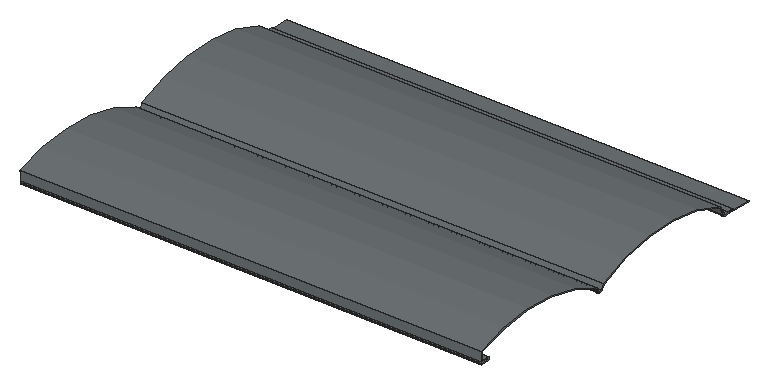
Revit family "BIMLIB_СайдингМеталлическийБлокХаусNew_GRANDLINE", category Обобщенные модели, Revit 2017
Family settings
  Может служить основой для арматурных стержней = Нет
  Размер круглого соединителя = Использовать диаметр
  Тип детали = Нормальный
  При загрузке вырезать с полостями = Нет
  Общий = Нет
  Точка расчета площади = Нет
Parameters (values of type "Блок-хаус New")
  Смещение от плоскости [instance] = 0 mm
  Описание = ADSK_Наименование  # "Металлический сайдинг Блок-хаус New"
  Изготовитель = "Grand Line"  # constant formula
  built-in parameter 1001306 [instance] = 500 mm
  Watermark [instance] = "Модели защищены уникальным кодом"
  URL = "https://www.grandline.ru"
  BL_Разработано = "support@bimlib.pro"
  BL_Email = "info@grandline.ru"
  BL_BIM library = "https://bimlib.pro/manufacturer/company/22430"
  ADSK_Размер_Ширина = 335 mm
  ADSK_Размер_Длина [instance] = [built-in parameter 1001306]  # 500 mm
  ADSK_Обозначение = "ГОСТ 19904-90, ГОСТ 14918-80"
  ADSK_Наименование = "Металлический сайдинг Блок-хаус New"
  ADSK_Материал тип подсчета = 2  # constant formula
  ADSK_Материал = GL_Drap_RAL7016
  ADSK_Масса_Текст [instance] = ""
  ADSK_Масса [instance] = 0
  ADSK_Марка = ""
  ADSK_Количество [instance] = if(ADSK_Материал тип подсчета = 0, 1, if(ADSK_Материал тип подсчета = 1, ADSK_Размер_Длина / 1000 mm, if(ADSK_Материал тип подсчета = 2, ADSK_Размер_Длина * ADSK_Размер_Ширина / 1.00 m², 0)))  # 0.1675
  ADSK_Код изделия = "M17.055.01"  # constant formula
  ADSK_Завод-изготовитель = "Grand Line"  # constant formula
  ADSK_Единица измерения = "м2"  # constant formula
  ADSK_Группирование = "Сайдинг"  # constant formula
  ADSK_Версия Revit = "2017"  # constant formula
  ADSK_URL страницы изделия = "https://www.grandline.ru/shop/fasad/metallicheskij-sajding/metallosajding-blok-haus-gl/"
  ADSK_URL документации изделия = "https://www.grandline.ru/shop/fasad/metallicheskij-sajding/metallosajding-blok-haus-gl/tehnicheskaya-dokumentaciya/#techdoc"
Reference planes
  plane 1 "По центру (Вперед/Назад)": y = 0
  plane 2: z = 0
  plane 3 "Слева": x = 0
  plane 4 "Справа": x = 500
  plane 5: y = 340.846
Forms (mm)
  Sweep 1, solid, material "GL_Drap_RAL7016" <- "ADSK_Материал"
    path in 3D
      loop
        line (0, 0, 0) -> (500, 0, 0)
    profile "Профиль_СайдингМеталлическийБлокХаусNew : Профиль" origin (250, 0, 0) x (0, 1, 0) y (0, 0, 1)
      loop
        line (158.731, 1.897) -> (156.33, 6.246)
        arc (156.33, 6.246) -> (78.912, 26.824) -> (0, 13.048) r 186.615
        line (0, 13.048) -> (0, 3.156) -> (8.6, 3.156) -> (8.6, 1.6) -> (0, 1.6) -> (0, 0.8) -> (9.4, 0.8) -> (9.4, 3.956) -> (0.8, 3.956) -> (0.8, 12.51)
        arc (0.8, 12.51) -> (79.024, 26.018) -> (155.747, 5.646) r 185.815
        line (155.747, 5.646) -> (158.047, 1.481)
        arc (158.047, 1.481) -> (160.762, 0) -> (163.511, 1.418) r 3.3
        line (163.511, 1.418) -> (165.882, 5.7)
        arc (165.882, 5.7) -> (243.621, 26.064) -> (322.689, 11.698) r 185.815
        line (322.689, 11.698) -> (328.382, 1.418)
        arc (328.382, 1.418) -> (331.356, 0.011) -> (334.068, 1.873) r 3.3
        line (334.068, 1.873) -> (334.068, 0) -> (335, 0) -> (361.4, 0) -> (361.4, 0.8) -> (334.868, 0.8) -> (334.868, 1.873) -> (340.846, 1.873) -> (340.846, 2.673) -> (333.513, 2.673)
        arc (333.513, 2.673) -> (331.551, 0.842) -> (329.061, 1.843) r 2.5
        line (329.061, 1.843) -> (323.254, 12.328)
        arc (323.254, 12.328) -> (243.608, 26.864) -> (165.3, 6.301) r 186.615
        line (165.3, 6.301) -> (162.832, 1.843)
        arc (162.832, 1.843) -> (160.767, 0.8) -> (158.731, 1.897) r 2.5
Lines and regions (mm)
  reference lines
    curve 1: line (0, 0, 0) -> (500, 0, 0)
  sketch lines
    curve 2: line (0, 0, 0) -> (500, 0, 0)
Dimensions and locks
  "built-in parameter 1001306": plane 3 "Слева" to plane 4 "Справа"
  aligned and locked: plane 4 "Справа" to curve 1
  aligned and locked: plane 1 "По центру (Вперед/Назад)" to curve 1
  aligned and locked: plane 3 "Слева" to curve 1
  aligned and locked: level to plane 2
